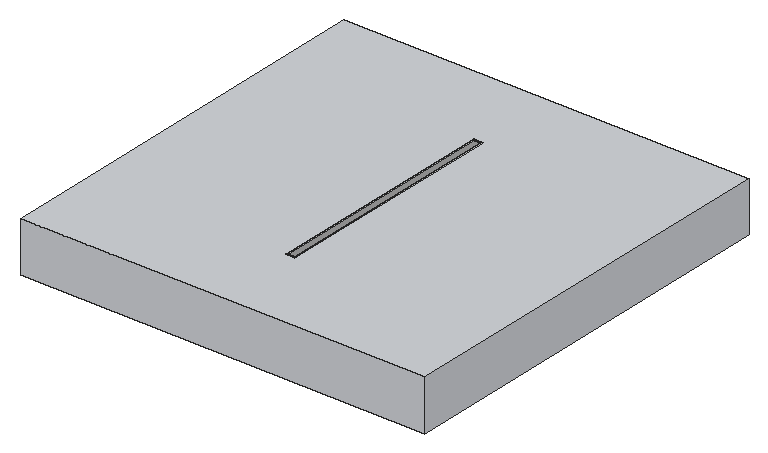
Revit family "LAMP_FIL 45 1400MM OPAL RECESSED", category Luminarias, Revit 2018
Family settings
  Anfitrión = Cara
  Cota de conector redondo = Diámetro de uso
  Tipo de pieza = Normal
  Corte con vacíos al cargar = No
  Origen de luz = Sí
  Compartido = No
  Punto de cálculo de habitación = No
Parameters (values of type "3250LM 3000K  BLACK")
  Ángulo de inclinación = -90.00°
  Weight = 3.23 kg
  Wattage = 20.3 W
  Type = "MID POWER TRIDONIC"
  built-in parameter 1150107 = 3000 (stored number, unit not read)
  Recessed dimensions = "1406x51x0"
  built-in parameter 1150110 = 1 (stored number, unit not read)
  built-in parameter 1150109 = 1 (stored number, unit not read)
  built-in parameter 1150112 = 1 (stored number, unit not read)
  built-in parameter 1150113 = 1 (stored number, unit not read)
  built-in parameter 1114218 = 1 (stored number, unit not read)
  Protection rating = "IP20 / IK07"
  Product datasheet = "http://www.lamp.es/product-files/TECH/F41RE140MOOP830NB-EN.pdf"
  Product code = "F41RE140MOOP830NB"
  Product URL = "https://www.lamp.es/en/family/fil-45_413951"
  Power Supply = "220-240V 50/60Hz"
  Power = 19 W
  Plum = 20.3 W
  Photobiological risk = ""
  NOT COVER 2 [instance] = not(END COVER 2)  # no
  NOT COVER 1 [instance] = not(END COVER 1)  # no
  built-in parameter 1150137 = (empty or 0)
  built-in parameter 1150132 = 2
  Modelo = Product code  # "F41RE140MOOP830NB"
  Model Explanation = ""
  Material suspension = LAMP_Acero genérico
  Material perfil = LAMP_Aluminio Perfil Fil NG
  Material difusor = LAMP_PC Difusor Opal Fil
  Manufacturer name = "LAMP"
  Manufacturer country = "Spain"
  Manufacturer URL = "http://www.lamp.es/en"
  MacAdam = "3"
  Longitud de línea de emisión = 1400 mm
  Last update = "22/03/2021"
  Lamp = "MID-POWER LED"
  LED Lifetime = "70.000 L80 B10"
  built-in parameter 1150105 = 822.4 (stored number, unit not read)
  built-in parameter 1150102 = (empty or 0)
  Insulation class = "I"
  Installation instructions = "https://www.lamp.es/product-files/INS/1004580-C%20INSTR.%20FIL45.pdf"
  built-in parameter 1150106 = 8.224 (stored number, unit not read)
  IEE = "A+"
  Gear = "Electronic"
  Lumens = 2161.95 lm
  Finish = "Matte black RAL 9011"
  Color Filter = 16777215
  built-in parameter 1114217 = 1 (stored number, unit not read)
  built-in parameter 1150139 = (empty or 0)
  Fabricante = Manufacturer name  # "LAMP"
  Default Elevation = 1219.2 mm
  built-in parameter 1150104 = 9.8942 (stored number, unit not read)
  Efficacy = 106.5 lm/W
  END COVER 2 [instance] = yes
  END COVER 1 [instance] = yes
  Dimensions = "1400x55x76"
  Descripción = "FIL45 REC 1400 3250 WW OPAL BK."
  built-in parameter 1150115 = 1 (stored number, unit not read)
  built-in parameter 1150114 = 1 (stored number, unit not read)
  built-in parameter 1150138 = (empty or 0)
  built-in parameter 1150134 = 3
  Dimming Lamp Color Temperature Shift = (empty or 0)
  CRI = "80"
  Archivo de red fotométrica = "F41RE140MOOP830NB.IES"
  built-in parameter 1150133 = 10 (stored number, unit not read)
Types (24, lengths in mm): name | Weight | Wattage | built-in parameter 1150107 | Product datasheet | Product code | Power | Plum | Modelo | Material perfil | LED Lifetime | built-in parameter 1150105 | built-in parameter 1150106 | Lumens | Finish | built-in parameter 1150104 | Efficacy | Descripción | Archivo de red fotométrica
  3250LM 3000K DALI BLACK | 3.402 kg | 20.3 W | 3000 (stored number, unit not read) | "http://www.lamp.es/product-files/TECH/F41RE140MOOP830DB-EN.pdf" | "F41RE140MOOP830DB" | 19 W | 20.3 W | "F41RE140MOOP830DB" | LAMP_Aluminio Perfil Fil NG | "70.000 L80 B10" | 822.4 (stored number, unit not read) | 8.224 (stored number, unit not read) | 2161.95 lm | "Matte black RAL 9011" | 9.8942 (stored number, unit not read) | 106.5 lm/W | "FIL45 REC 1400 3250 WW OPAL DALI BK." | "F41RE140MOOP830nB.IES"
  3250LM 3000K DALI GREY | 3.402 kg | 20.3 W | 3000 (stored number, unit not read) | "http://www.lamp.es/product-files/TECH/F41RE140MOOP830DG-EN.pdf" | "F41RE140MOOP830DG" | 19 W | 20.3 W | "F41RE140MOOP830DG" | LAMP_Aluminio Perfil Fil GR | "70.000 L80 B10" | 822.4 (stored number, unit not read) | 8.224 (stored number, unit not read) | 2161.95 lm | "Gloss grey" | 9.8942 (stored number, unit not read) | 106.5 lm/W | "FIL45 REC 1400 3250 WW OPAL DALI GR." | "F41RE140MOOP830nG.IES"
  3250LM 3000K DALI WHITE | 3.402 kg | 20.3 W | 3000 (stored number, unit not read) | "http://www.lamp.es/product-files/TECH/F41RE140MOOP830DW-EN.pdf" | "F41RE140MOOP830DW" | 19 W | 20.3 W | "F41RE140MOOP830DW" | LAMP_Aluminio Perfil Fil BL | "70.000 L80 B10" | 822.4 (stored number, unit not read) | 8.224 (stored number, unit not read) | 2161.95 lm | "Matte white RAL 9010" | 9.8942 (stored number, unit not read) | 106.5 lm/W | "FIL45 REC 1400 3250 WW OPAL DALI WH." | "F41RE140MOOP830nW.IES"
  3250LM 3000K  BLACK | 3.23 kg | 20.3 W | 3000 (stored number, unit not read) | "http://www.lamp.es/product-files/TECH/F41RE140MOOP830NB-EN.pdf" | "F41RE140MOOP830NB" | 19 W | 20.3 W | "F41RE140MOOP830NB" | LAMP_Aluminio Perfil Fil NG | "70.000 L80 B10" | 822.4 (stored number, unit not read) | 8.224 (stored number, unit not read) | 2161.95 lm | "Matte black RAL 9011" | 9.8942 (stored number, unit not read) | 106.5 lm/W | "FIL45 REC 1400 3250 WW OPAL BK." | "F41RE140MOOP830NB.IES"
  3250LM 3000K  GREY | 3.23 kg | 20.3 W | 3000 (stored number, unit not read) | "http://www.lamp.es/product-files/TECH/F41RE140MOOP830NG-EN.pdf" | "F41RE140MOOP830NG" | 19 W | 20.3 W | "F41RE140MOOP830NG" | LAMP_Aluminio Perfil Fil GR | "70.000 L80 B10" | 822.4 (stored number, unit not read) | 8.224 (stored number, unit not read) | 2161.95 lm | "Gloss grey" | 9.8942 (stored number, unit not read) | 106.5 lm/W | "FIL45 REC 1400 3250 WW OPAL GR." | "F41RE140MOOP830NG.IES"
  3250LM 3000K  WHITE | 3.23 kg | 20.3 W | 3000 (stored number, unit not read) | "http://www.lamp.es/product-files/TECH/F41RE140MOOP830NW-EN.pdf" | "F41RE140MOOP830NW" | 19 W | 20.3 W | "F41RE140MOOP830NW" | LAMP_Aluminio Perfil Fil BL | "70.000 L80 B10" | 822.4 (stored number, unit not read) | 8.224 (stored number, unit not read) | 2161.95 lm | "Matte white RAL 9010" | 9.8942 (stored number, unit not read) | 106.5 lm/W | "FIL45 REC 1400 3250 WW OPAL WH." | "F41RE140MOOP830NW.IES"
  3250LM 4000K DALI BLACK | 3.402 kg | 20.3 W | 4000 (stored number, unit not read) | "http://www.lamp.es/product-files/TECH/F41RE140MOOP840DB-EN.pdf" | "F41RE140MOOP840DB" | 19 W | 20.3 W | "F41RE140MOOP840DB" | LAMP_Aluminio Perfil Fil NG | "70.000 L80 B10" | 904.79 (stored number, unit not read) | 9.0479 (stored number, unit not read) | 2378.55 lm | "Matte black RAL 9011" | 10.885 (stored number, unit not read) | 117.17 lm/W | "FIL45 REC 1400 3250 NW OPAL DALI BK." | "F41RE140MOOP840nB.IES"
  3250LM 4000K DALI GREY | 3.402 kg | 20.3 W | 4000 (stored number, unit not read) | "http://www.lamp.es/product-files/TECH/F41RE140MOOP840DG-EN.pdf" | "F41RE140MOOP840DG" | 19 W | 20.3 W | "F41RE140MOOP840DG" | LAMP_Aluminio Perfil Fil GR | "70.000 L80 B10" | 904.79 (stored number, unit not read) | 9.0479 (stored number, unit not read) | 2378.55 lm | "Gloss grey" | 10.885 (stored number, unit not read) | 117.17 lm/W | "FIL45 REC 1400 3250 NW OPAL DALI GR." | "F41RE140MOOP840nG.IES"
  3250LM 4000K DALI WHITE | 3.402 kg | 20.3 W | 4000 (stored number, unit not read) | "http://www.lamp.es/product-files/TECH/F41RE140MOOP840DW-EN.pdf" | "F41RE140MOOP840DW" | 19 W | 20.3 W | "F41RE140MOOP840DW" | LAMP_Aluminio Perfil Fil BL | "70.000 L80 B10" | 904.79 (stored number, unit not read) | 9.0479 (stored number, unit not read) | 2378.55 lm | "Matte white RAL 9010" | 10.885 (stored number, unit not read) | 117.17 lm/W | "FIL45 REC 1400 3250 NW OPAL DALI WH." | "F41RE140MOOP840nW.IES"
  3250LM 4000K  BLACK | 3.23 kg | 20.3 W | 4000 (stored number, unit not read) | "http://www.lamp.es/product-files/TECH/F41RE140MOOP840NB-EN.pdf" | "F41RE140MOOP840NB" | 19 W | 20.3 W | "F41RE140MOOP840NB" | LAMP_Aluminio Perfil Fil NG | "70.000 L80 B10" | 904.79 (stored number, unit not read) | 9.0479 (stored number, unit not read) | 2378.55 lm | "Matte black RAL 9011" | 10.885 (stored number, unit not read) | 117.17 lm/W | "FIL45 REC 1400 3250 NW OPAL BK." | "F41RE140MOOP840NB.IES"
  3250LM 4000K  GREY | 3.23 kg | 20.3 W | 4000 (stored number, unit not read) | "http://www.lamp.es/product-files/TECH/F41RE140MOOP840NG-EN.pdf" | "F41RE140MOOP840NG" | 19 W | 20.3 W | "F41RE140MOOP840NG" | LAMP_Aluminio Perfil Fil GR | "70.000 L80 B10" | 904.79 (stored number, unit not read) | 9.0479 (stored number, unit not read) | 2378.55 lm | "Gloss grey" | 10.885 (stored number, unit not read) | 117.17 lm/W | "FIL45 REC 1400 3250 NW OPAL BK." | "F41RE140MOOP840NG.IES"
  3250LM 4000K  WHITE | 3.23 kg | 20.3 W | 4000 (stored number, unit not read) | "http://www.lamp.es/product-files/TECH/F41RE140MOOP840NW-EN.pdf" | "F41RE140MOOP840NW" | 19 W | 20.3 W | "F41RE140MOOP840NW" | LAMP_Aluminio Perfil Fil BL | "70.000 L80 B10" | 904.79 (stored number, unit not read) | 9.0479 (stored number, unit not read) | 2378.55 lm | "Matte white RAL 9010" | 10.885 (stored number, unit not read) | 117.17 lm/W | "FIL45 REC 1400 3250 NW OPAL GR." | "F41RE140MOOP840NW.IES"
  7750LM 3000K DALI BLACK | 3.28 kg | 49.1 W | 3000 (stored number, unit not read) | "http://www.lamp.es/product-files/TECH/F41RE140HOOP830DB-EN.pdf" | "F41RE140HOOP830DB" | 45 W | 49.1 W | "F41RE140HOOP830DB" | LAMP_Aluminio Perfil Fil NG | "72.000 L80 B10" | 1772.5 (stored number, unit not read) | 17.725 (stored number, unit not read) | 4659.59 lm | "Matte black RAL 9011" | 8.8165 (stored number, unit not read) | 94.9 lm/W | "FIL45 REC 1400 7750 WW OPAL DALI BK." | "F41RE140HOOP830nB.IES"
  7750LM 3000K DALI GREY | 3.28 kg | 49.1 W | 3000 (stored number, unit not read) | "http://www.lamp.es/product-files/TECH/F41RE140HOOP830DG-EN.pdf" | "F41RE140HOOP830DG" | 45 W | 49.1 W | "F41RE140HOOP830DG" | LAMP_Aluminio Perfil Fil GR | "72.000 L80 B10" | 1772.5 (stored number, unit not read) | 17.725 (stored number, unit not read) | 4659.59 lm | "Gloss grey" | 8.8165 (stored number, unit not read) | 94.9 lm/W | "FIL45 REC 1400 7750 WW OPAL DALI GR." | "F41RE140HOOP830nG.IES"
  7750LM 3000K DALI WHITE | 3.28 kg | 49.1 W | 3000 (stored number, unit not read) | "http://www.lamp.es/product-files/TECH/F41RE140HOOP830DW-EN.pdf" | "F41RE140HOOP830DW" | 45 W | 49.1 W | "F41RE140HOOP830DW" | LAMP_Aluminio Perfil Fil BL | "72.000 L80 B10" | 1772.5 (stored number, unit not read) | 17.725 (stored number, unit not read) | 4659.59 lm | "Matte white RAL 9010" | 8.8165 (stored number, unit not read) | 94.9 lm/W | "FIL45 REC 1400 7750 WW OPAL DALI WH." | "F41RE140HOOP830nW.IES"
  7750LM 3000K  BLACK | 3.28 kg | 49.1 W | 3000 (stored number, unit not read) | "http://www.lamp.es/product-files/TECH/F41RE140HOOP830NB-EN.pdf" | "F41RE140HOOP830NB" | 45 W | 49.1 W | "F41RE140HOOP830NB" | LAMP_Aluminio Perfil Fil NG | "72.000 L80 B10" | 1772.5 (stored number, unit not read) | 17.725 (stored number, unit not read) | 4659.59 lm | "Matte black RAL 9011" | 8.8165 (stored number, unit not read) | 94.9 lm/W | "FIL45 REC 1400 7750 WW OPAL BK." | "F41RE140HOOP830NB.IES"
  7750LM 3000K  GREY | 3.28 kg | 49.1 W | 3000 (stored number, unit not read) | "http://www.lamp.es/product-files/TECH/F41RE140HOOP830NG-EN.pdf" | "F41RE140HOOP830NG" | 45 W | 49.1 W | "F41RE140HOOP830NG" | LAMP_Aluminio Perfil Fil GR | "72.000 L80 B10" | 1772.5 (stored number, unit not read) | 17.725 (stored number, unit not read) | 4659.59 lm | "Gloss grey" | 8.8165 (stored number, unit not read) | 94.9 lm/W | "FIL45 REC 1400 7750 WW OPAL GR." | "F41RE140HOOP830NG.IES"
  7750LM 3000K  WHITE | 3.28 kg | 49.1 W | 3000 (stored number, unit not read) | "http://www.lamp.es/product-files/TECH/F41RE140HOOP830NW-EN.pdf" | "F41RE140HOOP830NW" | 45 W | 49.1 W | "F41RE140HOOP830NW" | LAMP_Aluminio Perfil Fil BL | "72.000 L80 B10" | 1772.5 (stored number, unit not read) | 17.725 (stored number, unit not read) | 4659.59 lm | "Matte white RAL 9010" | 8.8165 (stored number, unit not read) | 94.9 lm/W | "FIL45 REC 1400 7750 WW OPAL WH." | "F41RE140HOOP830NW.IES"
  7750LM 4000K DALI BLACK | 3.28 kg | 49.1 W | 4000 (stored number, unit not read) | "http://www.lamp.es/product-files/TECH/F41RE140HOOP840DB-EN.pdf" | "F41RE140HOOP840DB" | 45 W | 49.1 W | "F41RE140HOOP840DB" | LAMP_Aluminio Perfil Fil NG | "72.000 L80 B10" | 1772.5 (stored number, unit not read) | 17.725 (stored number, unit not read) | 4659.59 lm | "Matte black RAL 9011" | 8.8165 (stored number, unit not read) | 94.9 lm/W | "FIL45 REC 1400 7750 NW OPAL DALI BK." | "F41RE140HOOP840nB.IES"
  7750LM 4000K DALI GREY | 3.28 kg | 49.1 W | 4000 (stored number, unit not read) | "http://www.lamp.es/product-files/TECH/F41RE140HOOP840DG-EN.pdf" | "F41RE140HOOP840DG" | 45 W | 49.1 W | "F41RE140HOOP840DG" | LAMP_Aluminio Perfil Fil GR | "72.000 L80 B10" | 1772.5 (stored number, unit not read) | 17.725 (stored number, unit not read) | 4659.59 lm | "Gloss grey" | 8.8165 (stored number, unit not read) | 94.9 lm/W | "FIL45 REC 1400 7750 NW OPAL DALI GR." | "F41RE140HOOP840nG.IES"
  7750LM 4000K DALI WHITE | 3.28 kg | 49.1 W | 4000 (stored number, unit not read) | "http://www.lamp.es/product-files/TECH/F41RE140HOOP840DW-EN.pdf" | "F41RE140HOOP840DW" | 45 W | 49.1 W | "F41RE140HOOP840DW" | LAMP_Aluminio Perfil Fil BL | "72.000 L80 B10" | 1772.5 (stored number, unit not read) | 17.725 (stored number, unit not read) | 4659.59 lm | "Matte white RAL 9010" | 8.8165 (stored number, unit not read) | 94.9 lm/W | "FIL45 REC 1400 7750 NW OPAL DALI WH." | "F41RE140HOOP840nW.IES"
  7750LM 4000K  BLACK | 3.28 kg | 49.1 W | 4000 (stored number, unit not read) | "http://www.lamp.es/product-files/TECH/F41RE140HOOP840NB-EN.pdf" | "F41RE140HOOP840NB" | 45 W | 49.1 W | "F41RE140HOOP840NB" | LAMP_Aluminio Perfil Fil NG | "72.000 L80 B10" | 1772.5 (stored number, unit not read) | 17.725 (stored number, unit not read) | 4659.59 lm | "Matte black RAL 9011" | 8.8165 (stored number, unit not read) | 94.9 lm/W | "FIL45 REC 1400 7750 NW OPAL BK." | "F41RE140HOOP840NB.IES"
  7750LM 4000K  GREY | 3.28 kg | 49.1 W | 4000 (stored number, unit not read) | "http://www.lamp.es/product-files/TECH/F41RE140HOOP840NG-EN.pdf" | "F41RE140HOOP840NG" | 45 W | 49.1 W | "F41RE140HOOP840NG" | LAMP_Aluminio Perfil Fil GR | "72.000 L80 B10" | 1772.5 (stored number, unit not read) | 17.725 (stored number, unit not read) | 4659.59 lm | "Gloss grey" | 8.8165 (stored number, unit not read) | 94.9 lm/W | "FIL45 REC 1400 7750 NW OPAL GR." | "F41RE140HOOP840NG.IES"
  7750LM 4000K  WHITE | 3.28 kg | 49.1 W | 4000 (stored number, unit not read) | "http://www.lamp.es/product-files/TECH/F41RE140HOOP840NW-EN.pdf" | "F41RE140HOOP840NW" | 45 W | 49.1 W | "F41RE140HOOP840NW" | LAMP_Aluminio Perfil Fil BL | "72.000 L80 B10" | 1772.5 (stored number, unit not read) | 17.725 (stored number, unit not read) | 4659.59 lm | "Matte white RAL 9010" | 8.8165 (stored number, unit not read) | 94.9 lm/W | "FIL45 REC 1400 7750 NW OPAL WH." | "F41RE140HOOP840NW.IES"
Reference planes
  plane 1 "Centro (Frontal/Posterior)": y = 0
  plane 2: z = 0
  plane 3 "Centro (Izquierda/Derecha)": x = 0
Forms (mm)
  Extrusion 1, solid
    sketch origin (0, 0, 0) x (1, 0, 0) y (0, 1, 0)
      loop
        line (-1219.2, 1219.2) -> (-1219.2, -1219.2) -> (1219.2, -1219.2) -> (1219.2, 1219.2) -> (-1219.2, 1219.2)
    from 0 to -304.8
  Extrusion 2, solid, material "LAMP_Aluminio Perfil Fil NG" <- "Material perfil"
    sketch origin (0, 0, -281.8) x (1, 0, 0) y (0, 0, 1)
      loop
        line (17.8, 259) -> (0, 259) -> (-17.8, 259) -> (-21.5, 259) -> (-21.5, 283) -> (-27.5, 283) -> (-27.5, 281.8) -> (-22.5, 281.8) -> (-22.5, 206.5) -> (22.5, 206.5) -> (22.5, 281.8) -> (27.5, 281.8) -> (27.5, 283) -> (21.5, 283) -> (21.5, 259) -> (17.8, 259)
    from -700 to 700
  Extrusion 3, solid, material "LAMP_PC Difusor Opal Fil" <- "Material difusor"
    sketch origin (0, 0, -281.8) x (1, 0, 0) y (0, 0, 1)
      loop
        line (-21.5, 283) -> (-21.5, 281.8) -> (21.5, 281.8) -> (21.5, 283) -> (-21.5, 283)
    from -700 to 700
Text (mm)
  text "Any modification of the parameters and properties of the LAMP BIM models must be executed and validated by the LAMP technical department.\nPhone: +34 93 736 68 00\nE-mail: lamp@lamp.es\n\nLAMP reserves the right to modify the technical specifications of its products." at (3112.338, 5316.624, -2868.509), in view "Preview"
Dimensions and locks
  aligned and locked: plane 2 to Extrusion 1
  aligned and locked: level to Extrusion 1
Nested families
  nested 1: "LAMP_FIL 45 END COVER RECESSED" at (0, -701, -75.3), visible <- "END COVER 1", type "Blanco"
  nested 2: "LAMP_FIL 45 END COVER RECESSED" at (0, 701, -75.3), visible <- "END COVER 2", type "Blanco"
Connectors
  electrical at (0, 0, -75.3)
    settings: on Extrusion 2, index 1, voltage 230 V, apparent load 0 VA, apparent load phase1 0 VA, apparent load phase2 0 VA, apparent load phase3 0 VA, power factor 1, load classification "Otro", number of poles 1, system type 31, power factor state 1, is connector primary yes, connector utility no, sub classification motor no, connector description ""
Definition of nested family "LAMP_FIL 45 END COVER RECESSED"
  Parameters (values of type "LAMP_FIL 45 END COVER RECESSED")
    Material tapa = none
  Reference planes
    plane 1 "Centro (Frontal/Posterior)": y = 0
    plane 2: z = 0
    plane 3 "Centro (Izquierda/Derecha)": x = 0
  Forms (mm)
    Extrusion 1, solid, material <- "Material tapa"
      sketch origin (0, 0, 76.8) x (0, -1, 0) y (0, 0, -1)
        loop
          line (1, 1.5) -> (1, 76.8) -> (-1, 76.8) -> (-1, 0.3) -> (4.5, 0.3) -> (4.5, 1.5) -> (1, 1.5)
      from -27.5 to 27.5
    Extrusion 2, void
      sketch origin (0, 0, 0) x (1, 0, 0) y (0, 0, 1)
        loop
          line (27.5, 75.3) -> (22.5, 75.3) -> (22.5, 0) -> (27.5, 0) -> (27.5, 75.3)
      from -23.5 to 23.5
    Extrusion 3, void
      sketch origin (0, 0, 0) x (1, 0, 0) y (0, 0, 1)
        loop
          line (-27.5, 75.3) -> (-27.5, 0) -> (-22.5, 0) -> (-22.5, 75.3) -> (-27.5, 75.3)
      from -23.5 to 23.5
  Cuts and joins
    Extrusion 2, Extrusion 3 cuts Extrusion 1
  Dimensions and locks
    aligned and locked: level to plane 2
